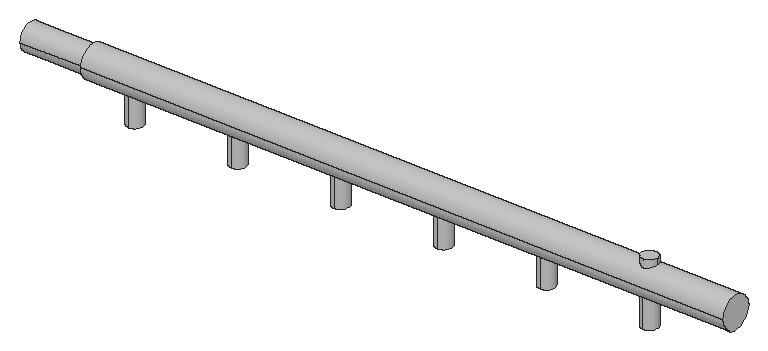
Revit family "BIMLIB_Коллектор_462_6_РОСТерм", category Оборудование, Revit 2017
Family settings
  Размер круглого соединителя = Использовать диаметр
  Тип детали = Нормальный
  На основе рабочей плоскости = Нет
  Всегда вертикально = Да
  При загрузке вырезать с полостями = Нет
  Общий = Нет
  Точка расчета площади = Нет
Parameters (values of type "Коллектор HEIZEN 462 Ду25 на 6 выходов")
  РТ_Шаг = 100 mm
  РТ_l = 100 mm  # constant formula
  РТ_R1 = РТ_R + 5 mm  # 20 mm
  РТ_R = 15 mm
  РТ_R_низ = РТ_DN_низ / 2  # 7.5 mm
  РТ_DN3 = 15 mm  # constant formula
  Описание = "Коллекторы Heizen изготовлены из высококачественной латуни и нержавеющей стали, что исключает риск протечек. Коллекторы могут быть оснащены различными видами арматуры: ручными балансировочными клапанами,ручными запорными клапанами, термостатическими клапанами, расходомерами, воздухоотводчиками и дренажными кранами."
  РТ_DN_низ = 15 mm  # constant formula
  РТ_DN_бок = 25 mm
  Изготовитель = "РОСТерм"  # constant formula
  URL = "http://rostherm.ru/"
  BL_Разработано = "support@bimlib.ru"  # constant formula
  BL_Email = "rostherm@bimlib.ru"  # constant formula
  BL_BIM library = "https://bimlib.pro/manufacturer/rosterm/1632/"
  ADSK_Расход жидкости [instance] = 0.0 L/s
  ADSK_Примечание = ""
  ADSK_Позиция = ""
  ADSK_Обозначение = "ГОСТ 12.2.063-2015"  # constant formula
  ADSK_Наименование краткое = "HEIZEN 462 Ду25"
  ADSK_Наименование = "Коллектор HEIZEN 462 для систем отопения, горячего и холодного водоснабжения сварной Ду25 на 6 выходов"
  ADSK_Материал = BIMLIB_Нержавеющая_сталь_РОСТерм
  ADSK_Масса_Текст = ""
  ADSK_Масса = 0
  ADSK_Марка = "HEIZEN 462"  # constant formula
  ADSK_Код изделия = "462-25-10-06"
  ADSK_Завод-изготовитель = "Heizen"  # constant formula
  ADSK_Единица измерения = "шт."  # constant formula
  ADSK_Версия Revit = "2017"  # constant formula
  ADSK_URL страницы изделия = "http://rostherm.ru/kollektory/"
  ADSK_URL документации изделия = "http://rostherm.ru/"
Types (4, lengths in mm): name | РТ_R1 | РТ_R | РТ_DN_бок | ADSK_Наименование краткое | ADSK_Наименование | ADSK_Код изделия
  Коллектор HEIZEN 462 Ду50 на 6 выходов | 32 | 27 | 50 | "HEIZEN 462 Ду50" | "Коллектор HEIZEN 462 для систем отопения, горячего и холодного водоснабжения сварной Ду50 на 6 выходов" | "462-50-10-06"
  Коллектор HEIZEN 462 Ду40 на 6 выходов | 27 | 22 | 40 | "HEIZEN 462 Ду40" | "Коллектор HEIZEN 462 для систем отопения, горячего и холодного водоснабжения сварной Ду40 на 6 выходов" | "462-40-10-06"
  Коллектор HEIZEN 462 Ду32 на 6 выходов | 23 | 18 | 32 | "HEIZEN 462 Ду32" | "Коллектор HEIZEN 462 для систем отопения, горячего и холодного водоснабжения сварной Ду32 на 6 выходов" | "462-32-10-06"
  Коллектор HEIZEN 462 Ду25 на 6 выходов | 20 | 15 | 25 | "HEIZEN 462 Ду25" | "Коллектор HEIZEN 462 для систем отопения, горячего и холодного водоснабжения сварной Ду25 на 6 выходов" | "462-25-10-06"
Reference planes
  plane 1 "По центру (Вперед/Назад)": y = 0
  plane 2: z = 0
  plane 3 "По центру (Влево/Вправо)": x = 0
  plane 4: x = 100
  plane 5: x = 1185
  plane 6: x = 60
  plane 7: z = 20
Forms (mm)
  Extrusion 1, solid, material "BIMLIB_Нержавеющая_сталь_РОСТерм" <- "ADSK_Материал", detail levels medium+fine
    sketch origin (65, 0, 0) x (0, 1, 0) y (0, 0, 1)
      loop
        circle (0, 0) r 15
    from -5 to 610.909
  Sweep 2, solid, material "BIMLIB_Нержавеющая_сталь_РОСТерм" <- "ADSK_Материал", detail levels medium+fine
    path origin (65, 0, 7.5) x (1, 0, 0) y (0, 0, 1)
      loop
        line (35, -7.5) -> (35, -47.5)
    profile origin (100, 0, -20) x (0, -1, 0) y (1, 0, 0)
      loop
        circle (0, 0) r 7.5
  Sweep 3, solid, material "BIMLIB_Нержавеющая_сталь_РОСТерм" <- "ADSK_Материал", detail levels medium+fine
    path origin (163.636, 0, 7.5) x (1, 0, 0) y (0, 0, 1)
      loop
        line (35, -7.5) -> (35, -47.5)
    profile origin (198.636, 0, -20) x (0, -1, 0) y (1, 0, 0)
      loop
        circle (0, 0) r 7.5
  Sweep 4, solid, material "BIMLIB_Нержавеющая_сталь_РОСТерм" <- "ADSK_Материал", detail levels medium+fine
    path origin (262.273, 0, 7.5) x (1, 0, 0) y (0, 0, 1)
      loop
        line (35, -7.5) -> (35, -47.5)
    profile origin (297.273, 0, -20) x (0, -1, 0) y (1, 0, 0)
      loop
        circle (0, 0) r 7.5
  Sweep 5, solid, material "BIMLIB_Нержавеющая_сталь_РОСТерм" <- "ADSK_Материал", detail levels medium+fine
    path origin (360.909, 0, 7.5) x (1, 0, 0) y (0, 0, 1)
      loop
        line (35, -7.5) -> (35, -47.5)
    profile origin (395.909, 0, -20) x (0, -1, 0) y (1, 0, 0)
      loop
        circle (0, 0) r 7.5
  Sweep 6, solid, material "BIMLIB_Нержавеющая_сталь_РОСТерм" <- "ADSK_Материал", detail levels medium+fine
    path origin (459.545, 0, 7.5) x (1, 0, 0) y (0, 0, 1)
      loop
        line (35, -7.5) -> (35, -47.5)
    profile origin (494.545, 0, -20) x (0, -1, 0) y (1, 0, 0)
      loop
        circle (0, 0) r 7.5
  Sweep 7, solid, material "BIMLIB_Нержавеющая_сталь_РОСТерм" <- "ADSK_Материал", detail levels medium+fine
    path origin (558.182, 0, 7.5) x (1, 0, 0) y (0, 0, 1)
      loop
        line (35, -7.5) -> (35, -47.5)
    profile origin (593.182, 0, -20) x (0, -1, 0) y (1, 0, 0)
      loop
        circle (0, 0) r 7.5
  Extrusion 8, solid, material "BIMLIB_Нержавеющая_сталь_РОСТерм" <- "ADSK_Материал", detail levels medium+fine
    sketch origin (50, 0, 0) x (0, 1, 0) y (0, 0, 1)
      loop
        circle (0, 0) r 12.5
    from -50 to 10
  Extrusion 9, solid, material "BIMLIB_Нержавеющая_сталь_РОСТерм" <- "ADSK_Материал", detail levels medium+fine
    sketch origin (-591.818, 0, 0) x (1, 0, 0) y (0, 1, 0)
      loop
        circle (1185, 0) r 7.5
    from 0 to 20
Lines and regions (mm)
  model lines, detail levels coarse
    curve 1: line (0, 0, 0) -> (675.909, 0, 0)
    curve 2: line (100, 0, 0) -> (100, 0, -40)
    curve 3: line (198.636, 0, 0) -> (198.636, 0, -40)
    curve 4: line (297.273, 0, 0) -> (297.273, 0, -40)
    curve 5: line (395.909, 0, 0) -> (395.909, 0, -40)
    curve 6: line (494.545, 0, 0) -> (494.545, 0, -40)
    curve 7: line (593.182, 0, 0) -> (593.182, 0, -40)
Dimensions and locks
  "РТ_l": plane 4 to plane 3 "По центру (Влево/Вправо)"
  Sweep 2 sketch curve to Sweep 2 sketch curve = 40 mm
  Sweep 3 sketch curve to Sweep 3 sketch curve = 40 mm
  Sweep 4 sketch curve to Sweep 4 sketch curve = 40 mm
  Sweep 5 sketch curve to Sweep 5 sketch curve = 40 mm
  Sweep 6 sketch curve to Sweep 6 sketch curve = 40 mm
  Sweep 7 sketch curve to Sweep 7 sketch curve = 40 mm
  locked: plane 4 to plane 6 at 40
  "РТ_R1": plane 7 to level
  "РТ_R": radius of Extrusion 1 sketch curve
  "РТ_R_низ": radius of Sweep 2 sketch curve
  "РТ_R_низ": radius of Sweep 3 sketch curve
  "РТ_R_низ": radius of Sweep 4 sketch curve
  "РТ_R_низ": radius of Sweep 5 sketch curve
  "РТ_R_низ": radius of Sweep 6 sketch curve
  "РТ_R_низ": radius of Sweep 7 sketch curve
  "РТ_DN_бок": diameter of Extrusion 8 sketch curve
  "РТ_DN_низ": diameter of Extrusion 9 sketch curve
  aligned and locked: level to plane 2
  aligned and locked: Extrusion 1 to plane 6
  aligned and locked: Extrusion 8 to plane 3 "По центру (Влево/Вправо)"
  aligned and locked: Extrusion 8 to Extrusion 1
  aligned and locked: plane 7 to Extrusion 9
  aligned and locked: curve 1 to Extrusion 1
Automatic sketch dimensions
  Sweep 2 sketch curve to profile plane = 0 mm
  profile plane to Sweep 2 sketch curve = 0 mm
  Sweep 3 sketch curve to profile plane = 0 mm
  profile plane to Sweep 3 sketch curve = 0 mm
  Sweep 4 sketch curve to profile plane = 0 mm
  profile plane to Sweep 4 sketch curve = 0 mm
  Sweep 5 sketch curve to profile plane = 0 mm
  profile plane to Sweep 5 sketch curve = 0 mm
  Sweep 6 sketch curve to profile plane = 0 mm
  profile plane to Sweep 6 sketch curve = 0 mm
  Sweep 7 sketch curve to profile plane = 0 mm
  profile plane to Sweep 7 sketch curve = 0 mm
  Extrusion 1 sketch curve to level = 0 mm
  Extrusion 1 sketch curve to plane 1 "По центру (Вперед/Назад)" = 0 mm
  curve 1 to plane 3 "По центру (Влево/Вправо)" = 0 mm
  curve 2 to plane 4 = 0 mm
  curve 2 to curve 3 = 98.636 mm
  curve 4 to level = 40 mm
  curve 3 to curve 4 = 98.636 mm
  curve 4 to curve 5 = 98.636 mm
  curve 5 to curve 6 = 98.636 mm
  curve 6 to curve 7 = 98.636 mm
  curve 7 to curve 1 = 82.727 mm
  curve 3 to curve 3 = 40 mm
  curve 7 to curve 7 = 40 mm
  curve 2 to curve 2 = 40 mm
  curve 5 to curve 5 = 40 mm
  curve 6 to curve 6 = 40 mm
  plane 1 "По центру (Вперед/Назад)" to Extrusion 9 sketch curve = 0 mm
  plane 4 to Extrusion 9 sketch curve = 493.182 mm
  Extrusion 8 sketch curve to level = 0 mm
  Extrusion 8 sketch curve to plane 1 "По центру (Вперед/Назад)" = 0 mm
Connectors
  piping at (100, 0, -40), diameter 15, driven by "РТ_DN_низ", driven by "ADSK_Расход жидкости"
    settings: on Sweep 2, index 3, connector inside diameter 609.6 mm, connector length 0 mm, flow factor 0, pipe flow 0.0 L/s, pressure drop 0.0 Pa, fitting loss kfactor 0, connector angle 0.00°, fixture units 0, engagement length 0 mm, angle of deflection 0.00°, flow configuration 0, flow direction 2, fitting loss method 0, system type 7, joint type 0, gender type 0, connector reference index -1, connector utility 0, adjustable connector no, is connector primary yes, connector description ""
  piping at (198.636, 0, -40), diameter 15, driven by "РТ_DN_низ", driven by "ADSK_Расход жидкости"
    settings: on Sweep 3, index 4, connector inside diameter 609.6 mm, connector length 0 mm, flow factor 0, pipe flow 0.0 L/s, pressure drop 0.0 Pa, fitting loss kfactor 0, connector angle 0.00°, fixture units 0, engagement length 0 mm, angle of deflection 0.00°, flow configuration 0, flow direction 2, fitting loss method 0, system type 7, joint type 0, gender type 0, connector reference index -1, connector utility 0, adjustable connector no, is connector primary no, connector description ""
  piping at (297.273, 0, -40), diameter 15, driven by "РТ_DN_низ", driven by "ADSK_Расход жидкости"
    settings: on Sweep 4, index 5, connector inside diameter 609.6 mm, connector length 0 mm, flow factor 0, pipe flow 0.0 L/s, pressure drop 0.0 Pa, fitting loss kfactor 0, connector angle 0.00°, fixture units 0, engagement length 0 mm, angle of deflection 0.00°, flow configuration 0, flow direction 2, fitting loss method 0, system type 7, joint type 0, gender type 0, connector reference index -1, connector utility 0, adjustable connector no, is connector primary no, connector description ""
  piping at (395.909, 0, -40), diameter 15, driven by "РТ_DN_низ", driven by "ADSK_Расход жидкости"
    settings: on Sweep 5, index 6, connector inside diameter 609.6 mm, connector length 0 mm, flow factor 0, pipe flow 0.0 L/s, pressure drop 0.0 Pa, fitting loss kfactor 0, connector angle 0.00°, fixture units 0, engagement length 0 mm, angle of deflection 0.00°, flow configuration 0, flow direction 2, fitting loss method 0, system type 7, joint type 0, gender type 0, connector reference index -1, connector utility 0, adjustable connector no, is connector primary no, connector description ""
  piping at (494.545, 0, -40), diameter 15, driven by "РТ_DN_низ", driven by "ADSK_Расход жидкости"
    settings: on Sweep 6, index 27, connector inside diameter 609.6 mm, connector length 0 mm, flow factor 0, pipe flow 0.0 L/s, pressure drop 0.0 Pa, fitting loss kfactor 0, connector angle 0.00°, fixture units 0, engagement length 0 mm, angle of deflection 0.00°, flow configuration 0, flow direction 2, fitting loss method 0, system type 7, joint type 0, gender type 0, connector reference index -1, connector utility 0, adjustable connector no, is connector primary no, connector description ""
  piping at (593.182, 0, -40), diameter 15, driven by "РТ_DN_низ", driven by "ADSK_Расход жидкости"
    settings: on Sweep 7, index 29, connector inside diameter 609.6 mm, connector length 0 mm, flow factor 0, pipe flow 0.0 L/s, pressure drop 0.0 Pa, fitting loss kfactor 0, connector angle 0.00°, fixture units 0, engagement length 0 mm, angle of deflection 0.00°, flow configuration 0, flow direction 2, fitting loss method 0, system type 7, joint type 0, gender type 0, connector reference index -1, connector utility 0, adjustable connector no, is connector primary no, connector description ""
  piping at (0, 0, 0), diameter 25, driven by "РТ_DN_бок", driven by "ADSK_Расход жидкости"
    settings: on Extrusion 8, index 38, connector inside diameter 609.6 mm, connector length 0 mm, flow factor 0, pipe flow 0.0 L/s, pressure drop 0.0 Pa, fitting loss kfactor 0, connector angle 0.00°, fixture units 0, engagement length 0 mm, angle of deflection 0.00°, flow configuration 0, flow direction 1, fitting loss method 0, system type 7, joint type 0, gender type 0, connector reference index -1, connector utility 0, adjustable connector no, is connector primary no, connector description ""
  piping at (593.182, 0, 20), diameter 15, driven by "РТ_DN3", driven by "ADSK_Расход жидкости"
    settings: on Extrusion 9, index 39, connector inside diameter 609.6 mm, connector length 0 mm, flow factor 0, pipe flow 0.0 L/s, pressure drop 0.0 Pa, fitting loss kfactor 0, connector angle 0.00°, fixture units 0, engagement length 0 mm, angle of deflection 0.00°, flow configuration 0, flow direction 0, fitting loss method 0, system type 29, joint type 0, gender type 0, connector reference index -1, connector utility 0, adjustable connector no, is connector primary no, connector description ""
